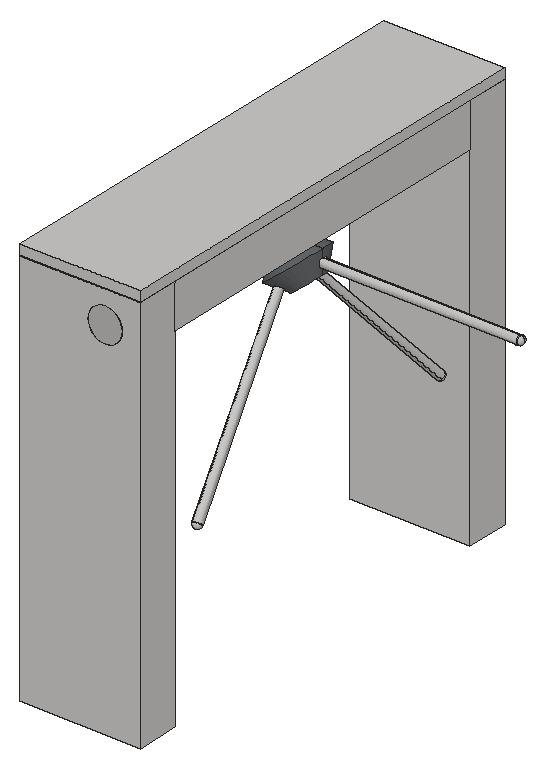
Revit family "CAME_Турникет_Трипод_TWISTER_700", category Специальное оборудование, Revit 2019
Family settings
  Размер круглого соединителя = Использовать диаметр
  Тип детали = Нормальный
  На основе рабочей плоскости = Нет
  Всегда вертикально = Да
  При загрузке вырезать с полостями = Нет
  Общий = Нет
  Точка расчета площади = Нет
Parameters
  Описание = "Турникет тумбовый моторизованный. Корпус и преграды из нержавеющей стали AISI 304. Оснащен платой управления и светодиодными указателями прохода. Стержни-барьеры с электродоводкой. Автоматическая разблокировка при аварийном отключении электроэнергии. Встроенный блок питания."
  Минимальная ширина проема = 770 mm  # constant formula
  Изготовитель = "CAME"  # constant formula
  Группа модели = "Турникеты"
  Watermark [instance] = "Модели защищены уникальным кодом"
  URL = "https://camerussia.com"
  CAME_Тип механизма турникета = "моторизованный"  # constant formula
  CAME_Напряжение электропитания двигателя (В) = 24 V  # constant formula
  CAME_Максимальное количество проходов в минуту = "48"  # constant formula
  CAME_Класс защиты (IP) = "54"  # constant formula
  CAME_Интенсивность использования (%) = "ИНТЕНСИВНОЕ"  # constant formula
  CAME_Диапазон рабочих температур (°C) = "-20 ÷ +68"  # constant formula
  BL_Разработано = "support@bimlib.pro"  # constant formula
  BL_Email = "cru.info@came.com"  # constant formula
  BL_BIM library = "https://bimlib.pro/manufacturer/came/cf0b6efe-31e5-4ffa-b7ea-1d6fa84041d4/?tab=products"
  ADSK_Размер_Ширина = 750 mm  # constant formula
  ADSK_Размер_Глубина = 1060 mm  # constant formula
  ADSK_Размер_Высота = 955 mm  # constant formula
  ADSK_Полная мощность = ADSK_Номинальная мощность / ADSK_Коэффициент мощности  # 12.5 VA
  ADSK_Обозначение = "ТУ 26.30.50-001-89603926-2021"  # constant formula
  ADSK_Номинальная мощность = 12 W  # constant formula
  ADSK_Напряжение = 230 V  # constant formula
  ADSK_Наименование краткое = "Турникет тумбовый TWISTER 700"  # constant formula
  ADSK_Наименование = "Турникет тумбовый моторизованный TWISTER 700"  # constant formula
  ADSK_Масса_Текст = "44"  # constant formula
  ADSK_Масса = 44  # constant formula
  ADSK_Марка = "АРТ:001PST700EN-01"  # constant formula
  ADSK_Коэффициент мощности = 0.96
  ADSK_Количество фаз = 1  # constant formula
  ADSK_Количество = 1  # constant formula
  ADSK_Код изделия = "Код КСР 26.30.50.119.61.2.07.09"  # constant formula
  ADSK_Классификация нагрузок = Прочее
  ADSK_Завод-изготовитель = "CAME"  # constant formula
  ADSK_Единица измерения = "шт."  # constant formula
  ADSK_Группирование = "TWISTER"  # constant formula
  ADSK_Версия семейства = "1.0"  # constant formula
  ADSK_Версия Revit = "2019"  # constant formula
  ADSK_URL страницы изделия = "https://camerussia.com/product/001pst700en-01/"
  ADSK_URL документации изделия = "https://camerussia.com/uploads/support/instructions/files/Инструкция%20STILE-TWISTER-SALOON.pdf"
Reference planes
  plane 1 "По центру (Вперед/Назад)": y = 0
  plane 2: z = 0
  plane 3 "По центру (Влево/Вправо)": x = 0
  plane 4: y = 530
  plane 5: y = -530
  plane 6: z = 955
  plane 7: x = 750
  plane 8: z = 705
  plane 9: x = 280
  plane 10: x = 770
  plane 11: z = 930
  plane 12: x = 135
  plane 13: y = 430
  plane 14: y = -430
Forms (mm)
  Extrusion 1, solid, material "CAME_Сталь_Нержавеющая_AISI 304", detail levels fine
    sketch origin (0, 0, 0) x (1, 0, 0) y (0, 0, 1)
      loop
        line (0, 705) -> (135, 705) -> (280, 826.669) -> (280, 930) -> (0, 930) -> (0, 705)
    from -430 to 430
  Extrusion 2, solid, material "CAME_Сталь_Нержавеющая_AISI 304", detail levels fine
    sketch origin (-126.098, -1524, 930) x (-1, 0, 0) y (0, -1, 0)
      loop
        line (-126.098, -2054) -> (-126.098, -994) -> (-406.098, -994) -> (-406.098, -2054) -> (-126.098, -2054)
    from 1 to 25
  Extrusion 3, solid, material "CAME_Стекло_Закаленное_Черное", detail levels fine
    sketch origin (866.16, -530, 1200) x (1, 0, 0) y (0, 0, 1)
      loop
        circle (-666.16, -345) r 40
    from 0 to 2
  Extrusion 4, solid, material "CAME_Стекло_Закаленное_Черное", detail levels fine
    sketch origin (-872.529, 530, 1200) x (-1, 0, 0) y (0, 0, 1)
      loop
        circle (-1072.529, -345) r 40
    from 0 to 2
  Extrusion 5, solid, material "CAME_Сталь_Нержавеющая_AISI 304", detail levels medium
    sketch origin (0, 0, 0) x (1, 0, 0) y (0, 0, 1)
      loop
        line (0, 705) -> (135, 705) -> (280, 826.669) -> (280, 955) -> (0, 955) -> (0, 705)
    from -430 to 430
  Extrusion 6, solid, material "CAME_Сталь_Нержавеющая_AISI 304", detail levels fine
    sketch origin (0, 0, 0) x (0, 1, 0) y (0, 0, 1)
      loop
        line (530, 0) -> (530, 930) -> (430, 930) -> (430, 0) -> (530, 0)
      loop
        line (-430, 930) -> (-530, 930) -> (-530, 0) -> (-430, 0) -> (-430, 930)
    from 0 to 280
  Extrusion 7, solid, material "CAME_Сталь_Нержавеющая_AISI 304", detail levels medium
    sketch origin (0, 0, 0) x (0, 1, 0) y (0, 0, 1)
      loop
        line (-530, 955) -> (-530, 0) -> (-430, 0) -> (-430, 955) -> (-530, 955)
      loop
        line (430, 955) -> (430, 0) -> (530, 0) -> (530, 955) -> (430, 955)
    from 0 to 280
  Extrusion 8, solid, material "CAME_Сталь_Нержавеющая_AISI 304", not visible, detail levels medium+fine
    sketch origin (0, 0, 0) x (1, 0, 0) y (0, 1, 0)
      loop
        circle (0, -530) r 10
    from 0 to 2
Cuts and joins
  joined: Extrusion 5, Extrusion 7
Lines and regions (mm)
  model lines, style "CAME", detail levels coarse
    curve 1: line (0, 530, 0) -> (280, 530, 0)
    curve 2: line (0, -530, 0) -> (0, 530, 0)
    curve 3: line (280, -530, 0) -> (0, -530, 0)
    curve 4: line (280, 530, 0) -> (280, -530, 0)
    curve 5: line (280, 0, 0) -> (750, 0, 0)
    curve 6: line (280, 0, 0) -> (340.777, 344.683, 0)
    curve 7: line (280, 0, 0) -> (340.777, -344.683, 0)
Dimensions and locks
  equal spacing: plane 5, plane 1 "По центру (Вперед/Назад)", plane 4
  "ADSK_Размер_Глубина": plane 5 to plane 4
  "ADSK_Размер_Высота": plane 6 to plane 2
  locked: plane 6 to plane 8 at 250
  locked: plane 3 "По центру (Влево/Вправо)" to plane 9 at 280
  locked: plane 6 to plane 11 at 25
  locked: plane 12 to plane 9 at 145
  locked: plane 6 to Extrusion 3 sketch curve at 100
  locked: plane 9 to Extrusion 3 sketch curve at 80
  "ADSK_Размер_Ширина": plane 3 "По центру (Влево/Вправо)" to plane 7
  "Минимальная ширина проема": plane 3 "По центру (Влево/Вправо)" to plane 10
  locked: plane 4 to plane 13 at 100
  locked: plane 5 to plane 14 at 100
  locked: plane 8 to Extrusion 1 sketch curve (angle 40.00°)
  aligned and locked: level to plane 2
  aligned and locked: plane 9 to Extrusion 1 sketch curve
  aligned and locked: Extrusion 1 sketch curve to plane 8
  aligned and locked: plane 12 to Extrusion 1 sketch curve
  aligned and locked: plane 11 to Extrusion 1 sketch curve
  aligned and locked: Extrusion 2 sketch curve to Extrusion 1
  aligned and locked: plane 6 to Extrusion 2
  aligned and locked: Extrusion 4 sketch curve to Extrusion 3  (x2)
  aligned and locked: Extrusion 5 sketch curve to Extrusion 1  (x3)
  aligned and locked: nested 1 to plane 1 "По центру (Вперед/Назад)"
  aligned and locked: plane 6 to Extrusion 5 sketch curve
  aligned and locked: plane 13 to Extrusion 1
  aligned and locked: plane 14 to Extrusion 1
  aligned and locked: plane 13 to Extrusion 5
  aligned and locked: plane 14 to Extrusion 5
  aligned and locked: Extrusion 6 sketch curve to plane 4
  aligned and locked: plane 13 to Extrusion 6 sketch curve
  aligned and locked: Extrusion 6 sketch curve to plane 14
  aligned and locked: plane 5 to Extrusion 6 sketch curve
  aligned and locked: Extrusion 6 sketch curve to plane 11
  aligned and locked: plane 11 to Extrusion 6 sketch curve
  aligned and locked: plane 2 to Extrusion 6 sketch curve
  aligned and locked: Extrusion 6 sketch curve to plane 2
  aligned and locked: plane 9 to Extrusion 6
  aligned and locked: Extrusion 7 sketch curve to plane 5
  aligned and locked: plane 14 to Extrusion 7 sketch curve
  aligned and locked: plane 13 to Extrusion 7 sketch curve
  aligned and locked: Extrusion 7 sketch curve to plane 4
  aligned and locked: Extrusion 7 sketch curve to plane 6  (x2)
  aligned and locked: plane 2 to Extrusion 7 sketch curve  (x2)
  aligned and locked: plane 9 to Extrusion 7
  aligned and locked: Extrusion 1 sketch curve to plane 3 "По центру (Влево/Вправо)"
  aligned and locked: Extrusion 2 sketch curve to plane 3 "По центру (Влево/Вправо)"
  aligned and locked: Extrusion 6 to plane 3 "По центру (Влево/Вправо)"
  aligned and locked: Extrusion 5 sketch curve to plane 3 "По центру (Влево/Вправо)"
  aligned and locked: Extrusion 7 to plane 3 "По центру (Влево/Вправо)"
Automatic sketch dimensions
  Extrusion 2 sketch curve to plane 4 = 0 mm
  plane 5 to Extrusion 2 sketch curve = 0 mm
  Extrusion 8 sketch curve to plane 3 "По центру (Влево/Вправо)" = 0 mm
  plane 5 to Extrusion 8 sketch curve = 0 mm
  curve 2 to plane 3 "По центру (Влево/Вправо)" = 0 mm
  curve 2 to plane 4 = 0 mm
  plane 5 to curve 3 = 0 mm
  curve 3 to plane 9 = 0 mm
  plane 1 "По центру (Вперед/Назад)" to curve 5 = 0 mm
  curve 5 to plane 7 = 0 mm
  plane 9 to curve 6 = 60.777 mm
  curve 6 to plane 13 = 85.317 mm
  plane 9 to curve 7 = 60.777 mm
  curve 7 to plane 14 = 85.317 mm
  radius of Extrusion 3 sketch curve = 40 mm
  radius of Extrusion 8 sketch curve = 10 mm
Nested families
  nested 1: "CAME_Трипод" at (215.013, 0, 772.139) x (0.766, 0, 0.6428) z (0.6428, 0, -0.766), type "CAME_Трипод"
Connectors
  electrical at (0, -530, 0), driven by "ADSK_Количество фаз", driven by "ADSK_Классификация нагрузок", driven by "ADSK_Напряжение", driven by "ADSK_Полная мощность", driven by "ADSK_Коэффициент мощности"
    settings: on Extrusion 8, index 1, voltage 230 V, apparent load 0 VA, apparent load phase1 12.5 VA, apparent load phase2 0 VA, apparent load phase3 0 VA, power factor 0.96, load classification "Прочее", number of poles 1, system type 31, power factor state 1, is connector primary yes, connector utility no, sub classification motor no, connector description ""
Definition of nested family "CAME_Трипод"
  Parameters (values of type "CAME_Трипод")
    Default Elevation = 1219.2 mm
    Материал крепления = none
    ADSK_Материал = none
  Reference planes
    plane 1 "По центру (Вперед/Назад)": y = 0
    plane 2: z = 0
    plane 3 "По центру (Влево/Вправо)": x = 0
    plane 4: z = 35
    plane 5 "A": through (0, 0, 1200) normal (-0.866, -0.5, 0)
    plane 6 "B": through (0, 0, 1200) normal (0.866, -0.5, 0)
  Forms (mm)
    Revolve 1, solid, material <- "ADSK_Материал", detail levels medium+fine
      sketch origin (0, 0, 0) x (1, 0, 0) y (0, 0, 1)
        loop
          line (62.5, 0) -> (73.667, 13.309) -> (38.314, 55.441) -> (0, 55.441) -> (0, 0) -> (62.5, 0)
        axis (0, 0) -> (0, 55.441)
      angle from 0 to 360
    Revolve 2, solid, material <- "ADSK_Материал", detail levels medium+fine
      sketch origin (0, 0, 0) x (1, 0, 0) y (0, 0, 1)
        loop
          line (47.835, 28.597) -> (54.238, 20.965) -> (414.279, 323.075) -> (407.876, 330.707) -> (47.835, 28.597)
        axis (47.835, 28.597) -> (407.876, 330.707)
      angle from 0 to 360
    Revolve 3, solid, material <- "ADSK_Материал", detail levels medium+fine
      sketch origin (0, 0, 1200) x (0.5, -0.866025, 0) y (0, 0, 1)
        loop
          line (-47.84, -1171.428) -> (-407.21, -869.88) -> (-414.308, -876.978) -> (-54.267, -1179.088) -> (-47.84, -1171.428)
        axis (-47.84, -1171.428) -> (-407.88, -869.318)
      angle from 0 to 360
    Revolve 4, solid, material <- "ADSK_Материал", detail levels medium+fine
      sketch origin (0, 0, 1200) x (0.5, 0.866025, 0) y (0, 0, 1)
        loop
          line (-40.179, -1177.856) -> (-407.21, -869.88) -> (-414.308, -876.978) -> (-46.607, -1185.516) -> (-40.179, -1177.856)
        axis (-40.179, -1177.856) -> (-407.88, -869.318)
      angle from 0 to 360
    Revolve 5, solid, material <- "ADSK_Материал", detail levels fine
      sketch origin (-27.75, -48.064, 35) x (-0.383022, -0.663414, 0.642788) y (-0.321394, -0.55667, -0.766044)
        loop
          line (460, 0) -> (470, 0)
          arc (470, 0) -> (467.071, 7.071) -> (460, 10) r 10
          line (460, 10) -> (460, 0)
        axis (460, 0) -> (470, 0)
      angle from 0 to 360
    Revolve 6, solid, material <- "ADSK_Материал", detail levels fine
      sketch origin (55.466, 0, 35) x (0.766044, 0, 0.642788) y (-0.642788, 0, 0.766044)
        loop
          arc (460.038, -9.962) -> (467.082, -7.044) -> (470, 0) r 9.962
          line (470, 0) -> (460.038, 0) -> (460.038, -9.962)
        axis (460.038, 0) -> (470, 0)
      angle from 0 to 360
    Revolve 7, solid, material <- "ADSK_Материал", detail levels fine
      sketch origin (-27.75, 48.064, 35) x (-0.383022, 0.663414, 0.642788) y (-0.321394, 0.55667, -0.766044)
        loop
          line (460, 0) -> (470, 0)
          arc (470, 0) -> (467.071, 7.071) -> (460, 10) r 10
          line (460, 10) -> (460, 0)
        axis (460, 0) -> (470, 0)
      angle from 0 to 360
  Cuts and joins
    joined: Revolve 1, Revolve 2, Revolve 3, Revolve 4
  Lines and regions (mm)
    reference lines
      curve 1: line (38.314, 0, 55.441) -> (73.667, 0, 13.309)
      curve 2: line (55.466, 0, 35) -> (488.281, 0, 398.175)
      curve 3: circle (0, 0, 35) r 55.5 normal (0, 0, 1)
      curve 4: line (-27.75, 48.064, 35) -> (-152.232, 263.674, 243.906)
      curve 5: line (-27.75, -48.064, 35) -> (-219.261, -379.771, 356.394)
  Dimensions and locks
    locked: plane 4 to plane 2 at 35
    locked: plane 1 "По центру (Вперед/Назад)" to plane 5 "A" (angle 120.00°)
    locked: plane 6 "B" to plane 1 "По центру (Вперед/Назад)" (angle 120.00°)
    angle curve 4 to plane 4 = 40.00°
    aligned and locked: level to plane 2
    aligned and locked: plane 3 "По центру (Влево/Вправо)" to Revolve 1 sketch curve
    aligned and locked: Revolve 1 sketch curve to Revolve 1 sketch curve
    aligned and locked: Revolve 2 sketch curve to curve 2
    aligned and locked: Revolve 3 sketch curve to curve 4
    aligned and locked: Revolve 4 sketch curve to curve 5
    aligned and locked: Revolve 5 sketch curve to curve 5
    aligned and locked: cut or joined group of Revolve 1, Revolve 2, Revolve 3, Revolve 4 to Revolve 5 sketch curve
    aligned and locked: curve 5 to Revolve 5 sketch curve
    aligned and locked: Revolve 6 sketch curve to curve 2
    aligned and locked: Revolve 6 sketch curve to cut or joined group of Revolve 1, Revolve 2, Revolve 3, Revolve 4
    aligned and locked: curve 2 to Revolve 6 sketch curve
    aligned and locked: Revolve 7 sketch curve to curve 4
    aligned and locked: curve 4 to Revolve 7 sketch curve
    aligned and locked: cut or joined group of Revolve 1, Revolve 2, Revolve 3, Revolve 4 to Revolve 7 sketch curve
